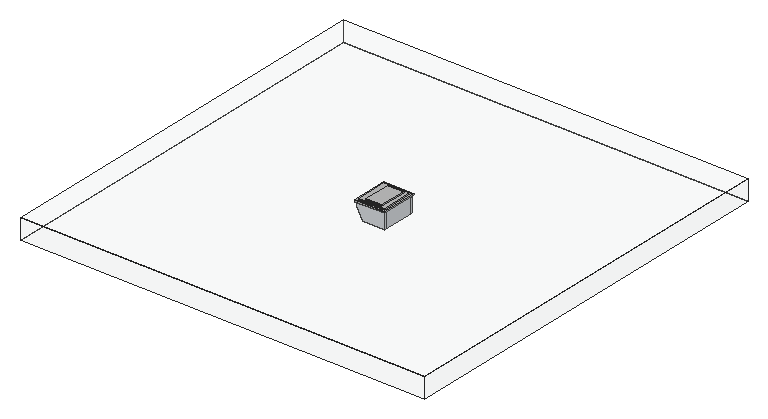
Revit family
Parameters (values of type "B24-3/4"")
  Weight Lbs = 13
  Waste Connection = no
  Wall Opening Width = 0' - 7 3/4"
  Wall Opening Length = 0' - 6 1/8"
  Vent Connection = no
  URL = "http://www.woodfordmfg.com/woodford/Wall_Hydrant_Pages/model-24.html"
  Single Check Vacuum Breaker = "ASSE 1011"
  Polished Brass (PB) (Optional) = ""
  Outlet = "3/4\" Male Hose Thread"
  Model = "B24P-3/4"
  Max Temperature = "120º -F"
  Max Pressure = 125.00 psi
  Manufacturer = "Woodford Manufacturing Company"
  Inlets = "3/4\" Female Pipe Thread"
  HW Connection = yes
  GPM = "13.8 @ 100 psi"
  Default Elevation = 4' - 0"
  Clear Polycarbonate Handle Standard = ""
  Chrome (Standard) = ""
  Catalog Sheet = "http://www.woodfordmfg.com/woodford/Wall_Hyd_PDF/24CATALOG.pdf"
  CW Connection = yes
  Brass Box and Head Castings = ""
  Brass (BR) (Optional) = ""
  Box Flange Width = 0' - 8 3/4"
  Box Flange Length = 0' - 7 1/8"
  Box Depth = 0' - 3 1/2"
  Assembly Code = ""
Types (2): name | Model | Inlets
  B24-1/2 | "B24P-1/2" | "1/2\" Female Pipe Thread"
  B24-3/4" | "B24P-3/4" | "3/4\" Female Pipe Thread"
Reference planes (in)
  plane 1 "Center (Front/Back)": y = 0
  plane 2: z = 0
  plane 3 "Center (Left/Right)": x = 0
  plane 4 "Wall": z = -3.625
  plane 5 "Housing Base": z = -3.375
  plane 6 "Transition": z = -2.75
  plane 7 "Top Transition": z = -2.625
  plane 8: z = -2.125
  plane 9: through (0, -0.21712, 0.23305) normal (0, -0.5, 0.866)
  plane 10: through (0, -0.09212, 0.01654) normal (0, -0.5, 0.866)
  plane 11: through (0, -0.02962, -0.09171) normal (0, -0.5, 0.866)
  plane 12: through (0, 0.47038, -0.95774) normal (0, -0.5, 0.866)
  plane 13: through (0, 0.97038, -1.82376) normal (0, -0.5, 0.866)
  plane 14: through (0, 0.13198, -0.24387) normal (0, -0.5, -0.866)
  plane 15: through (0, -0.27427, -0.94752) normal (0, -0.5, -0.866)
  plane 16: through (0, -0.33677, -1.05577) normal (0, -0.5, -0.866)
  plane 17: through (0, -0.83677, -1.9218) normal (0, -0.5, -0.866)
  plane 18: z = 9
  plane 19: x = -2.68045
  plane 20: x = 2.68045
  plane 21: x = -5.65816
  plane 22: x = 5.65816
Forms (in)
  Extrusion 1, solid, material "Glass"
    sketch origin (0, 0, 0) x (1, 0, 0) y (0, 1, 0)
      loop
        line (-48, 48) -> (-48, -48) -> (48, -48) -> (48, 48) -> (-48, 48)
    from 0 to -4.92093
  Extrusion 2, solid, material "Chrome", detail levels fine
    sketch origin (0, 0, -3.625) x (-1, 0, 0) y (0, -1, 0)
      loop
        arc (-0.98921, -0.14648) -> (0, -1) -> (0.98921, -0.14648) r 1
        line (0.98921, -0.14648) -> (0.88936, -0.14648)
        arc (0.88936, -0.14648) -> (0.74288, 0) -> (0.88936, 0.14648) r 0.14648
        line (0.88936, 0.14648) -> (0.98921, 0.14648)
        arc (0.98921, 0.14648) -> (0, 1) -> (-0.98921, 0.14648) r 1
        line (-0.98921, 0.14648) -> (-0.88936, 0.14648)
        arc (-0.88936, 0.14648) -> (-0.74288, 0) -> (-0.88936, -0.14648) r 0.14648
        line (-0.88936, -0.14648) -> (-0.98921, -0.14648)
    from 0 to 0.25
  Extrusion 3, solid, material "Chrome", detail levels fine
    sketch origin (0, 0, -3.375) x (-1, 0, 0) y (0, -1, 0)
      loop
        arc (0.63103, 0.375) -> (0, 0.56056) -> (-0.63103, 0.375) r 1.16573
        line (-0.63103, 0.375) -> (-0.63103, 0) -> (-0.63103, -0.375)
        arc (-0.63103, -0.375) -> (0, -0.56056) -> (0.63103, -0.375) r 1.16573
        line (0.63103, -0.375) -> (0.63103, 0) -> (0.63103, 0.375)
    from 0 to 0.625
  Extrusion 4, solid, material "Chrome", detail levels fine
    sketch origin (0, 0, -2.75) x (-1, 0, 0) y (0, -1, 0)
      loop
        circle (0, 0) r 0.54943
    from 0 to 0.125
  Blend 5, solid, material "Chrome", detail levels fine
    base sketch origin (0, 0, -2.625) x (-1, 0, 0) y (0, -1, 0)
      loop
        circle (0, 0) r 0.54943
    top sketch origin (0, 0, -2.625) x (-1, 0, 0) y (0, -1, 0)
      loop
        circle (0, 0) r 0.36063
    from 0 to 0.5
  Sweep 6, solid, material "Chrome", detail levels fine
    path origin (0, 0.0175, -3.51772) x (0, 1, 0) y (0, 0, 1)
      loop
        line (0.08507, 1.0536) -> (0.58507, 1.91963)
    profile origin (0, 0.35257, -2.03111) x (0, -0.866025, 0.5) y (1, 0, 0)
      loop
        circle (0, 0) r 0.4375
  Sweep 7, solid, material "Chrome", detail levels fine
    path origin (0, 0.0175, -3.51772) x (0, -1, 0) y (0, 0, -1)
      loop
        line (0.10287, -1.08442) -> (0.60287, -1.95045)
    profile origin (0, -0.33537, -2.00029) x (0, -0.866025, -0.5) y (1, 0, 0)
      loop
        circle (0, 0) r 0.43677
  Sweep 8, solid, material "Chrome", detail levels fine
    path origin (0, 0.0175, -3.51772) x (0, 1, 0) y (0, 0, 1)
      loop
        line (-0.60287, 1.95045) -> (-1.10287, 2.81647)
    profile origin (0, -0.83537, -1.13426) x (0, -0.866025, -0.5) y (1, 0, 0)
      loop
        circle (0, 0) r 0.625
  Sweep 9, solid, material "Chrome", detail levels fine
    path origin (0, 0.0175, -3.51772) x (0, 1, 0) y (0, 0, 1)
      loop
        line (-1.10287, 2.81647) -> (-1.16537, 2.92473)
    profile origin (0, -1.11662, -0.64712) x (0, -0.866025, -0.5) y (1, 0, 0)
      loop
        circle (-0.02304, 0) r 0.375
  Sweep 10, solid, material "Chrome", detail levels fine
    path origin (0, 0.0175, -3.51772) x (0, 1, 0) y (0, 0, 1)
      loop
        line (-1.16537, 2.92473) -> (-1.29037, 3.14123)
    profile origin (0, -1.21037, -0.48474) x (0, -0.866025, -0.5) y (1, 0, 0)
      loop
        circle (0, 0) r 0.5
  Sweep 11, solid, detail levels fine
    path origin (0, 0.0175, -3.51772) x (0, 1, 0) y (0, 0, 1)
      loop
        line (0.58507, 1.91963) -> (0.64757, 2.02788)
    profile origin (0, 0.63382, -1.54397) x (0, -0.866025, 0.5) y (1, 0, 0)
      loop
        circle (0, 0) r 0.25
  Sweep 12, solid, material "Chrome", detail levels fine
    path origin (0, 0.0175, -3.51772) x (0, 1, 0) y (0, 0, 1)
      loop
        line (0.64757, 2.02788) -> (1.05382, 2.73152)
    profile origin (0, 0.8682, -1.13802) x (0, -0.866025, 0.5) y (1, 0, 0)
      loop
        circle (0, 0) r 0.75
Lines and regions (in)
  reference lines
    curve 1: line (0, 0.10257, -2.46412) -> (0, 1.66625, 0.24424)
    curve 2: line (0, -0.08537, -2.4333) -> (0, -1.71037, 0.38128)
  model lines, detail levels coarse+medium
    curve 3: line (0, 0, 0) -> (0, 0, 9)
    curve 4: line (-2.68045, 0, 7) -> (0, 0, 7)
    curve 5: line (2.68045, 0, 7) -> (0, 0, 7)
    curve 6: line (-5.65816, 0, 0) -> (0, 0, 0)
    curve 7: line (-5.65816, 0, -2.75) -> (-5.65816, 0, 0)
    curve 8: line (0, 0, -2.75) -> (-5.65816, 0, -2.75)
    curve 9: line (5.65816, 0, 0) -> (0, 0, 0)
    curve 10: line (5.65816, 0, -2.75) -> (5.65816, 0, 0)
    curve 11: line (0, 0, -2.75) -> (5.65816, 0, -2.75)
Dimensions and locks (in)
  Extrusion 1 to plane 4 "Wall" = 0' - 3 5/8"
  equal spacing: plane 19, plane 3 "Center (Left/Right)", plane 20
  plane 19 to plane 20 = 0' - 5.36091"
  plane 18 to level = 0' - 9"
  curve 4 to level = 0' - 7"
  curve 5 to level = 0' - 7"
  locked: plane 6 "Transition" to plane 5 "Housing Base" at 0.625
  locked: plane 7 "Top Transition" to plane 6 "Transition" at 0.125
  locked: plane 8 to plane 7 "Top Transition" at 0.5
  locked: plane 15 to plane 14 at 0.8125
  locked: plane 16 to plane 15 at 0.125
  locked: plane 17 to plane 16 at 1
  locked: plane 9 to plane 10 at 0.25
  locked: plane 10 to plane 11 at 0.125
  locked: plane 11 to plane 12 at 1
  locked: plane 12 to plane 13 at 1
  locked: plane 5 "Housing Base" to plane 4 "Wall" at 0.25
  equal spacing: plane 22, plane 3 "Center (Left/Right)", plane 21
  plane 22 to plane 21 = 0' - 11.31632"
  locked: Extrusion 1 to curve 2 (angle 60.00°)
  locked: curve 1 to Extrusion 1 (angle 60.00°)
  aligned and locked: plane 2 to Extrusion 1
  aligned and locked: level to Extrusion 1
  aligned and locked: plane 5 "Housing Base" to Extrusion 2
  aligned and locked: plane 6 "Transition" to Extrusion 3
  aligned and locked: plane 7 "Top Transition" to Extrusion 4
  aligned and locked: plane 8 to Blend 5
  aligned and locked: curve 1 to Sweep 12 sketch curve
  aligned and locked: curve 1 to Sweep 11 sketch curve
  aligned and locked: Sweep 6 sketch curve to curve 1
  aligned and locked: curve 2 to Sweep 10 sketch curve
  aligned and locked: curve 2 to Sweep 9 sketch curve
  aligned and locked: curve 2 to Sweep 8 sketch curve
  aligned and locked: Sweep 7 sketch curve to curve 2
  aligned and locked: plane 9 to Sweep 10 sketch curve
  aligned and locked: plane 10 to Sweep 10 sketch curve
  aligned and locked: plane 10 to Sweep 9 sketch curve
  aligned and locked: plane 11 to Sweep 9 sketch curve
  aligned and locked: plane 11 to Sweep 8 sketch curve
  aligned and locked: plane 12 to Sweep 8 sketch curve
  aligned and locked: plane 12 to Sweep 7 sketch curve
  aligned and locked: plane 13 to Sweep 7 sketch curve
  aligned and locked: plane 21 to curve 7
  aligned and locked: plane 22 to curve 10
Automatic sketch dimensions
  Extrusion 1 sketch curve to Extrusion 1 sketch curve = 8' - 0"  (x2)
  Extrusion 2 sketch curve to Extrusion 2 sketch curve = 0' - 0"  (x2)
  plane 1 "Center (Front/Back)" to Extrusion 2 sketch curve = 0' - 0"  (x3)
  Extrusion 2 sketch curve to plane 3 "Center (Left/Right)" = 0' - 0"
  Extrusion 2 sketch curve to plane 1 "Center (Front/Back)" = 0' - 0.14648"
  plane 3 "Center (Left/Right)" to Extrusion 2 sketch curve = 0' - 0.88936"
  Extrusion 2 sketch curve to Extrusion 2 sketch curve = 0' - 0.09986"  (x3)
  plane 1 "Center (Front/Back)" to Extrusion 2 sketch curve = 0' - 0.14648"
  plane 1 "Center (Front/Back)" to Extrusion 3 sketch curve = 0' - 0"  (x2)
  Extrusion 3 sketch curve to plane 3 "Center (Left/Right)" = 0' - 0"  (x2)
  plane 1 "Center (Front/Back)" to Extrusion 3 sketch curve = 0' - 0 3/8"
  plane 3 "Center (Left/Right)" to Extrusion 3 sketch curve = 0' - 0.63103"
  Extrusion 3 sketch curve to plane 3 "Center (Left/Right)" = 0' - 0.63103"
  Extrusion 3 sketch curve to plane 1 "Center (Front/Back)" = 0' - 0 3/8"
  Extrusion 3 sketch curve to plane 1 "Center (Front/Back)" = 0' - 0.60517"
  plane 1 "Center (Front/Back)" to Extrusion 3 sketch curve = 0' - 0.60517"
  plane 1 "Center (Front/Back)" to Extrusion 4 sketch curve = 0' - 0"
  Extrusion 4 sketch curve to plane 3 "Center (Left/Right)" = 0' - 0"
  plane 1 "Center (Front/Back)" to Blend 5 sketch curve = 0' - 0"  (x2)
  Blend 5 sketch curve to plane 3 "Center (Left/Right)" = 0' - 0"  (x2)
  plane 17 to Sweep 6 sketch curve = 0' - 0"
  plane 16 to Sweep 6 sketch curve = 0' - 0"
  Sweep 6 sketch curve to profile plane = 0' - 0"  (x2)
  Sweep 7 sketch curve to profile plane = 0' - 0"  (x2)
  Sweep 8 sketch curve to profile plane = 0' - 0"  (x2)
  Sweep 9 sketch curve to profile plane = 0' - 0"
  profile plane to Sweep 9 sketch curve = 0' - 0.02304"
  Sweep 10 sketch curve to profile plane = 0' - 0"  (x2)
  plane 16 to Sweep 11 sketch curve = 0' - 0"
  plane 15 to Sweep 11 sketch curve = 0' - 0"
  Sweep 11 sketch curve to profile plane = 0' - 0"  (x2)
  plane 15 to Sweep 12 sketch curve = 0' - 0"
  plane 14 to Sweep 12 sketch curve = 0' - 0"
  Sweep 12 sketch curve to profile plane = 0' - 0"  (x2)
  curve 2 to plane 13 = 0' - 0"
  plane 17 to curve 1 = 0' - 0"
  level to curve 2 = 0' - 0.38128"
  curve 1 to plane 1 "Center (Front/Back)" = 0' - 0.10257"
  curve 7 to level = 0' - 0"
  curve 7 to plane 6 "Transition" = 0' - 0"
  plane 19 to curve 4 = 0' - 0"
  curve 5 to plane 3 "Center (Left/Right)" = 0' - 0"
  curve 11 to plane 3 "Center (Left/Right)" = 0' - 0"
  plane 20 to curve 5 = 0' - 0"
  curve 3 to plane 18 = 0' - 0"
  radius of Extrusion 4 sketch curve = 0' - 0.54943"
  radius of Blend 5 sketch curve = 0' - 0.54943"
  radius of Blend 5 sketch curve = 0' - 0.36063"
  radius of Sweep 6 sketch curve = 0' - 0 7/16"
  radius of Sweep 7 sketch curve = 0' - 0.43677"
  radius of Sweep 8 sketch curve = 0' - 0 5/8"
  radius of Sweep 9 sketch curve = 0' - 0 3/8"
  radius of Sweep 10 sketch curve = 0' - 0 1/2"
  radius of Sweep 11 sketch curve = 0' - 0 1/4"
  radius of Sweep 12 sketch curve = 0' - 0 3/4"
Nested families (in)
  nested 1: "B24 Housing Assembly" at (0, 0, 0), type "B24 Housing Assembly", detail levels fine
    with Cover yes
Connectors (in)
  piping at (0, 0, -3.625)
    settings: on Extrusion 2, index 1, connector radius 3/8", flow factor 0, pipe flow 14 GPM, pressure drop 100.00 psi, fitting loss kfactor 0, connector angle 0.00°, fixture units 0, flow configuration 1, flow direction 1, fitting loss method 4, system type 20, connector reference index -1, connector utility 0, adjustable connector no, is connector primary yes, fitting loss table "", connector description ""
Definition of nested family "B24 Housing Assembly"
  Parameters (values of type "B24 Housing Assembly")
    Width = 0' - 7 1/8"
    Length = 0' - 6 5/8"
    Hieght = 0' - 8 3/4"
    Cover Material = Chrome
    Cover [instance] = yes
    Assembly Code = ""
  Reference planes (in)
    plane 1 "Center (Front/Back)": y = 0
    plane 2: z = 0
    plane 3 "Center (Left/Right)": x = 0
    plane 4: z = 0.25
    plane 5: x = -3.5625
    plane 6: x = 3.5625
    plane 7: y = 4.375
    plane 8: y = -4.375
    plane 9: x = -3.0625
    plane 10: x = 3.0625
    plane 11: y = -3.875
    plane 12: y = 3.875
    plane 13: x = -3.3125
    plane 14: x = 3.3125
    plane 15: y = 4.125
    plane 16: y = -4.125
    plane 17 "Left": y = 3.75
    plane 18 "Right": y = -3.75
    plane 19: z = 0.5
  Forms (in)
    Extrusion 1, solid, material "Chrome" <- "Cover Material"
      sketch origin (16.24753, -0.2836, 0) x (1, 0, 0) y (0, 1, 0)
        loop
          line (-19.81003, -4.0914) -> (-12.68503, -4.0914) -> (-12.68503, 4.6586) -> (-19.81003, 4.6586) -> (-19.81003, -4.0914)
      from 0 to 0.25
    Extrusion 2, solid
      sketch origin (0, 0, 0) x (1, 0, 0) y (0, 0, 1)
        loop
          line (-3.3125, 0) -> (-3.3125, -1.0625) -> (-1.8125, -3.75) -> (3.3125, -3.75) -> (3.3125, 0) -> (3.0625, 0) -> (3.0625, -3.5) -> (-1.66573, -3.5) -> (-3.0625, -0.99746) -> (-3.0625, 0) -> (-3.3125, 0)
      from -3.75 to 3.75
    Extrusion 3, solid
      sketch origin (0, 3.75, 0) x (-1, 0, 0) y (0, 0, 1)
        loop
          line (3.3125, 0) -> (-3.3125, 0) -> (-3.3125, -3.75) -> (1.8125, -3.75) -> (1.8504, -3.68209) -> (3.3125, -1.0625) -> (3.3125, 0)
      from 0 to 0.25
    Extrusion 4, solid
      sketch origin (0, -3.75, 0) x (1, 0, 0) y (0, 0, 1)
        loop
          line (-3.3125, 0) -> (-3.3125, -1.0625) -> (-1.8504, -3.68209) -> (-1.8125, -3.75) -> (3.3125, -3.75) -> (3.3125, 0) -> (-3.3125, 0)
      from 0 to 0.25
    Extrusion 5, solid, material "Chrome" <- "Cover Material"
      sketch origin (16.18503, 0.3414, 0.25) x (1, 0, 0) y (0, 1, 0)
        loop
          line (-19.31003, -4.0914) -> (-13.18503, -4.0914) -> (-13.18503, 3.4086) -> (-19.31003, 3.4086) -> (-19.31003, -4.0914)
      from 0 to 0.25
    Extrusion 6, solid, material "Chrome" <- "Cover Material"
      sketch origin (-9.71567, -179.82539, 0.21064) x (-1, 0, 0) y (0, -1, 0)
        loop
          line (-7.95794, -176.55917) -> (-11.71567, -176.55917) -> (-11.71567, -183.07539) -> (-7.95794, -183.07539) -> (-7.95794, -176.55917)
      from 0.28936 to 0.49205
  Dimensions and locks (in)
    equal spacing: plane 5, plane 3 "Center (Left/Right)", plane 6
    "Width": plane 5 to plane 6
    equal spacing: plane 7, plane 1 "Center (Front/Back)", plane 8
    "Hieght": plane 7 to plane 8
    locked: plane 5 to plane 13 at 0.25
    locked: plane 14 to plane 6 at 0.25
    locked: plane 7 to plane 15 at 0.25
    locked: plane 16 to plane 8 at 0.25
    locked: plane 13 to plane 9 at 0.25
    locked: plane 10 to plane 14 at 0.25
    locked: plane 15 to plane 12 at 0.25
    locked: plane 16 to plane 11 at 0.25
    aligned and locked: plane 2 to level
    aligned and locked: plane 4 to Extrusion 1
    aligned: plane 9 to Extrusion 1
    aligned: plane 10 to Extrusion 1
    aligned: plane 12 to Extrusion 1
    aligned: plane 11 to Extrusion 1
    aligned and locked: Extrusion 1 sketch curve to plane 5
    aligned and locked: plane 7 to Extrusion 1 sketch curve
    aligned and locked: plane 6 to Extrusion 1 sketch curve
    aligned and locked: Extrusion 1 sketch curve to plane 8
    aligned and locked: plane 17 "Left" to Extrusion 2
    aligned and locked: plane 18 "Right" to Extrusion 2
  Automatic sketch dimensions
    Extrusion 2 sketch curve to level = 0' - 0"  (x2)
    Extrusion 2 sketch curve to plane 13 = 0' - 0"
    Extrusion 2 sketch curve to plane 9 = 0' - 0"
    plane 10 to Extrusion 2 sketch curve = 0' - 0"
    plane 14 to Extrusion 2 sketch curve = 0' - 0"
    plane 9 to Extrusion 2 sketch curve = 0' - 1 1/4"
    Extrusion 2 sketch curve to Extrusion 2 sketch curve = 0' - 0.14677"
    Extrusion 2 sketch curve to level = 0' - 0.99746"
    Extrusion 2 sketch curve to Extrusion 2 sketch curve = 0' - 0.06504"
    Extrusion 2 sketch curve to Extrusion 2 sketch curve = 0' - 3 1/2"
    Extrusion 2 sketch curve to Extrusion 2 sketch curve = 0' - 0 1/4"
    Extrusion 3 sketch curve to level = 0' - 0"
    plane 14 to Extrusion 3 sketch curve = 0' - 0"
    Extrusion 3 sketch curve to plane 13 = 0' - 0"
    plane 9 to Extrusion 3 sketch curve = 0' - 1 1/4"
    Extrusion 3 sketch curve to Extrusion 3 sketch curve = 0' - 0.0379"
    Extrusion 3 sketch curve to level = 0' - 1 1/16"
    Extrusion 3 sketch curve to Extrusion 3 sketch curve = 0' - 2.61959"
    Extrusion 3 sketch curve to level = 0' - 3 3/4"
    Extrusion 4 sketch curve to level = 0' - 0"
    Extrusion 4 sketch curve to plane 13 = 0' - 0"
    plane 14 to Extrusion 4 sketch curve = 0' - 0"
    plane 9 to Extrusion 4 sketch curve = 0' - 1.2121"
    Extrusion 4 sketch curve to Extrusion 4 sketch curve = 0' - 0.0379"
    Extrusion 4 sketch curve to level = 0' - 1 1/16"
    Extrusion 4 sketch curve to Extrusion 4 sketch curve = 0' - 2.61959"
    Extrusion 4 sketch curve to level = 0' - 3 3/4"
    Extrusion 5 sketch curve to plane 7 = 0' - 0 5/8"
    Extrusion 5 sketch curve to plane 9 = 0' - 0 1/16"
    plane 10 to Extrusion 5 sketch curve = 0' - 0 1/16"
    plane 8 to Extrusion 5 sketch curve = 0' - 0 5/8"
    Extrusion 6 sketch curve to plane 11 = 0' - 0.60878"
    Extrusion 6 sketch curve to plane 12 = 0' - 0 5/8"
    plane 10 to Extrusion 6 sketch curve = 0' - 1 1/16"
    plane 9 to Extrusion 6 sketch curve = 0' - 1.30477"
